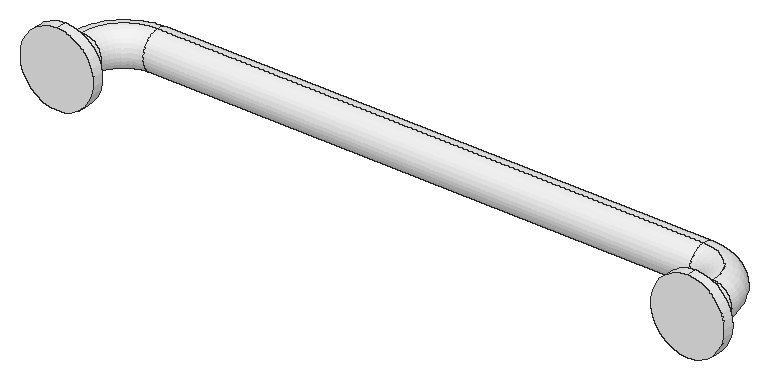
Revit family
Parameters (values of type "그랩 막대 수평")
  재료 위생 용품 [instance] = 금속 - 화이트 분말 코팅
  Keynote = "N13"
  Assembly Code = ""
Reference planes
  plane 1 "중심(앞/뒤)": y = 0
  plane 2: z = 0
  plane 3: x = -855.796
  plane 4: through (0, 227.13, 594.133) normal (0, 0.6428, 0.766)
  plane 5: z = 680
  plane 6: y = 100
  plane 7: y = 10
Forms (mm)
  Sweep 1, solid, material "금속 - 화이트 분말 코팅" <- "재료 위생 용품"
    path origin (-234.062, -422.744, 680) x (0, -1, 0) y (1, 0, 0)
      loop
        line (-432.744, -321.734) -> (-452.744, -321.734)
        arc (-452.744, -321.734) -> (-481.028, -333.449) -> (-492.744, -361.734) r 40
        line (-492.744, -361.734) -> (-492.744, -881.734)
        arc (-492.744, -881.734) -> (-481.028, -910.018) -> (-452.744, -921.734) r 40
        line (-452.744, -921.734) -> (-432.744, -921.734)
    profile origin (-555.796, 20, 680) x (-1, 0, 0) y (0, 0, 1)
      loop
        circle (0, 0) r 18
  Extrusion 2, solid, material "금속 - 화이트 분말 코팅" <- "재료 위생 용품"
    sketch origin (-1955.796, 0, -175.796) x (0, 0, -1) y (1, 0, 0)
      loop
        circle (-855.796, 1400) r 35
      loop
        circle (-855.796, 800) r 35
    from 0 to -10
Lines and regions (mm)
  Masking region 1
    outline origin (0, 0, 0) x (1, 0, 0) y (0, 1, 0)
      loop
        line (-1190.796, 0) -> (-1120.796, 0) -> (-1120.796, 10) -> (-1137.796, 10) -> (-1137.796, 25)
        arc (-1137.796, 25) -> (-1132.199, 43.738) -> (-1114.398, 51.835) r 23.618
        line (-1114.398, 51.835) -> (-596.016, 51.835)
        arc (-596.016, 51.835) -> (-580.304, 45.327) -> (-573.796, 29.615) r 22.22
        line (-573.796, 29.615) -> (-573.796, 10) -> (-590.796, 10) -> (-590.796, 0) -> (-520.796, 0) -> (-520.796, 10) -> (-537.796, 10) -> (-537.796, 28.607)
        arc (-537.796, 28.607) -> (-558.006, 73.446) -> (-604.988, 87.998) r 59.844
        line (-604.988, 87.998) -> (-1111.069, 87.998)
        arc (-1111.069, 87.998) -> (-1155.115, 72.716) -> (-1173.796, 30) r 58.177
        line (-1173.796, 30) -> (-1173.796, 10) -> (-1190.796, 10) -> (-1190.796, 0)
  symbolic lines
    curve 1: line (-1190.796, 10, 0) -> (-1120.796, 10, 0)
    curve 2: line (-1190.796, 0, 0) -> (-1190.796, 10, 0)
    curve 3: line (-1120.796, 0, 0) -> (-1190.796, 0, 0)
    curve 4: line (-1120.796, 10, 0) -> (-1120.796, 0, 0)
    curve 5: line (-590.796, 10, 0) -> (-520.796, 10, 0)
    curve 6: line (-590.796, 0, 0) -> (-590.796, 10, 0)
    curve 7: line (-520.796, 0, 0) -> (-590.796, 0, 0)
    curve 8: line (-520.796, 10, 0) -> (-520.796, 0, 0)
    curve 9: line (-1137.796, 10, 0) -> (-1137.796, 25, 0)
    curve 10: arc (-1137.796, 25, 0) -> (-1132.199, 43.738, 0) -> (-1114.398, 51.835, 0) r 23.618
    curve 11: line (-1114.398, 51.835, 0) -> (-596.016, 51.835, 0)
    curve 12: arc (-596.016, 51.835, 0) -> (-580.304, 45.327, 0) -> (-573.796, 29.615, 0) r 22.22
    curve 13: line (-573.796, 29.615, 0) -> (-573.796, 10, 0)
    curve 14: line (-537.796, 10, 0) -> (-537.796, 28.607, 0)
    curve 15: arc (-537.796, 28.607, 0) -> (-558.006, 73.446, 0) -> (-604.988, 87.998, 0) r 59.844
    curve 16: line (-604.988, 87.998, 0) -> (-1111.069, 87.998, 0)
    curve 17: arc (-1111.069, 87.998, 0) -> (-1155.115, 72.716, 0) -> (-1173.796, 30, 0) r 58.177
    curve 18: line (-1173.796, 30, 0) -> (-1173.796, 10, 0)
Dimensions and locks
  plane 1 "중심(앞/뒤)" to plane 7 to plane 6 = 10 mm locked, 90 mm locked
  aligned and locked: Extrusion 2 to Sweep 1
  aligned and locked: plane 1 "중심(앞/뒤)" to Extrusion 2
